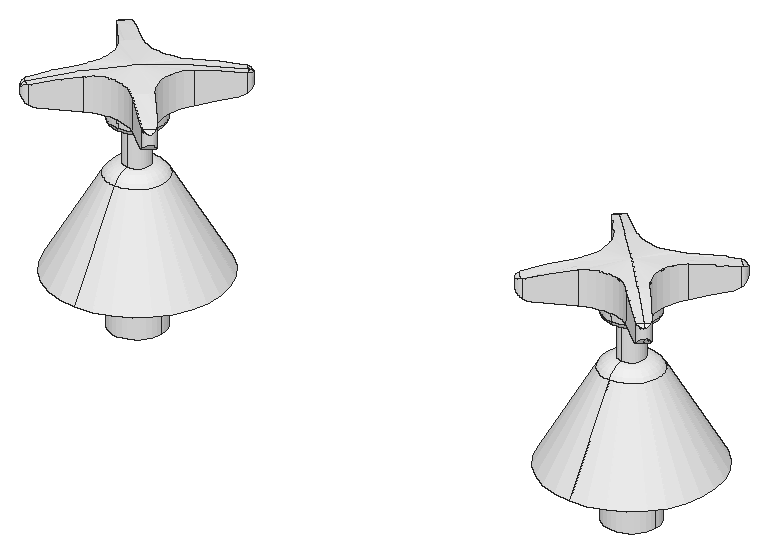
Revit family "Tap-Wall Top Assemblies-Caroma Elegance II2", category Plumbing Fixtures, host Face, Revit 2013
Parameters (values of type "Standard")
  Waste Connection = no
  Vent Connection = no
  URL = "http://www.caroma.com.au/"
  Type Comments = "Caroma Elegance II Wall Top Assemblies"  # constant formula
  Model = "631172C"  # constant formula
  Material_ANZRS = Metal-Chrome-Caroma
  Manufacturer = "GWA Bathrooms & Kitchens"  # constant formula
  HWFU = 1  # constant formula
  HW Connection = yes
  Description = ""
  Default Elevation = 900 mm
  CreatedBy_ANZRS = "Design Content"  # constant formula
  CreatedByURL_ANZRS = "www.designcontent.com.au"
  Cost = 0
  Connector Radius = 10 mm
  CWFU = 1  # constant formula
  CW Connection = yes
  Assembly Code = "C1030210"
Reference planes
  plane 1 "Center (Front/Back)": y = 0
  plane 2: z = 0
  plane 3 "Center (Left/Right)": x = 0
  plane 4 "Hot": x = -100
  plane 5 "Cold": x = 100
Forms (mm)
  Extrusion 1, solid, material "Metal-Chrome-Caroma" <- "Material_ANZRS"
    sketch origin (-50, 0, 0) x (1, 0, 0) y (0, 1, 0)
      loop
        circle (-50, 0) r 10
    from -20 to 0
  Extrusion 2, solid, material "Metal-Chrome-Caroma" <- "Material_ANZRS"
    sketch origin (50, 0, 0) x (-1, 0, 0) y (0, -1, 0)
      loop
        circle (-50, 0) r 10
    from -20 to 0
  Revolve 3, solid, material "Metal-Chrome-Caroma" <- "Material_ANZRS"
    sketch origin (-100, -22.904, 1219.2) x (0, 1, 0) y (0, 0, 1)
      loop
        line (22.904, -1219.2) -> (54.307, -1219.2) -> (34.094, -1184.19)
        arc (34.094, -1184.19) -> (31.375, -1181.389) -> (27.654, -1180.211) r 7.986
        line (27.654, -1180.211) -> (27.654, -1165.231) -> (31.393, -1165.231)
        arc (31.393, -1165.231) -> (32.415, -1164.828) -> (32.889, -1163.837) r 1.499
        line (32.889, -1163.837) -> (33.441, -1155.935) -> (22.904, -1155.935) -> (22.904, -1219.2)
      axis (22.904, -1219.2) -> (22.904, -1155.935)
    angle from 0 to 360
  Revolve 4, solid, material "Metal-Chrome-Caroma" <- "Material_ANZRS"
    sketch origin (100, 30, 1219.2) x (0, 1, 0) y (0, 0, 1)
      loop
        line (-30, -1219.2) -> (1.404, -1219.2) -> (-18.809, -1184.19)
        arc (-18.809, -1184.19) -> (-21.528, -1181.389) -> (-25.25, -1180.211) r 7.986
        line (-25.25, -1180.211) -> (-25.25, -1165.231) -> (-21.511, -1165.231)
        arc (-21.511, -1165.231) -> (-20.488, -1164.828) -> (-20.015, -1163.837) r 1.499
        line (-20.015, -1163.837) -> (-19.462, -1155.935) -> (-30, -1155.935) -> (-30, -1219.2)
      axis (-30, -1219.2) -> (-30, -1155.935)
    angle from 0 to 360
  Revolve 5, solid, material "Metal-Chrome-Caroma" <- "Material_ANZRS"
    sketch origin (-50, 50, 7.5) x (-0.707107, -0.707107, 0) y (0, 0, 1)
      loop
        line (70.711, 50.608) -> (70.711, 66.5)
        arc (70.711, 66.5) -> (52.897, 65.564) -> (35.28, 62.767) r 170
        arc (35.28, 62.767) -> (33.687, 61.728) -> (33.203, 59.889) r 2.645
        arc (33.203, 59.889) -> (34.913, 56.303) -> (38.48, 54.551) r 6.049
        line (38.48, 54.551) -> (70.711, 50.608)
      axis (70.711, 50.608) -> (70.711, 66.5)
    angle from 0 to 360
  Extrusion 6, void
    sketch origin (0, 0, 0) x (1, 0, 0) y (0, 1, 0)
      loop
        line (-122.824, -26.357) -> (-109.787, -15.133)
        arc (-109.787, -15.133) -> (-100, -11.5) -> (-90.213, -15.133) r 15
        line (-90.213, -15.133) -> (-77.176, -26.357)
        arc (-77.176, -26.357) -> (-73.77, -26.23) -> (-73.643, -22.824) r 2.505
        line (-73.643, -22.824) -> (-84.867, -9.787)
        arc (-84.867, -9.787) -> (-88.5, 0) -> (-84.867, 9.787) r 15
        line (-84.867, 9.787) -> (-73.643, 22.824)
        arc (-73.643, 22.824) -> (-73.77, 26.23) -> (-77.176, 26.357) r 2.505
        line (-77.176, 26.357) -> (-90.213, 15.133)
        arc (-90.213, 15.133) -> (-100, 11.5) -> (-109.787, 15.133) r 15
        line (-109.787, 15.133) -> (-122.824, 26.357)
        arc (-122.824, 26.357) -> (-126.23, 26.23) -> (-126.357, 22.824) r 2.505
        line (-126.357, 22.824) -> (-115.133, 9.787)
        arc (-115.133, 9.787) -> (-111.5, 0) -> (-115.133, -9.787) r 15
        line (-115.133, -9.787) -> (-126.357, -22.824)
        arc (-126.357, -22.824) -> (-126.23, -26.23) -> (-122.824, -26.357) r 2.505
      loop
        circle (-100, 0) r 44.623
      loop
        arc (122.824, -26.357) -> (126.23, -26.23) -> (126.357, -22.824) r 2.505
        line (126.357, -22.824) -> (115.133, -9.787)
        arc (115.133, -9.787) -> (111.5, 0) -> (115.133, 9.787) r 15
        line (115.133, 9.787) -> (126.357, 22.824)
        arc (126.357, 22.824) -> (126.23, 26.23) -> (122.824, 26.357) r 2.505
        line (122.824, 26.357) -> (109.787, 15.133)
        arc (109.787, 15.133) -> (100, 11.5) -> (90.213, 15.133) r 15
        line (90.213, 15.133) -> (77.176, 26.357)
        arc (77.176, 26.357) -> (73.77, 26.23) -> (73.643, 22.824) r 2.505
        line (73.643, 22.824) -> (84.867, 9.787)
        arc (84.867, 9.787) -> (88.5, 0) -> (84.867, -9.787) r 15
        line (84.867, -9.787) -> (73.643, -22.824)
        arc (73.643, -22.824) -> (73.77, -26.23) -> (77.176, -26.357) r 2.505
        line (77.176, -26.357) -> (90.213, -15.133)
        arc (90.213, -15.133) -> (100, -11.5) -> (109.787, -15.133) r 15
        line (109.787, -15.133) -> (122.824, -26.357)
      loop
        circle (100, 0) r 44.623
    from 50 to 100
  Revolve 7, solid, material "Metal-Chrome-Caroma" <- "Material_ANZRS"
    sketch origin (50, 50, 7.5) x (0.707107, -0.707107, 0) y (0, 0, -1)
      loop
        line (70.711, -50.608) -> (38.48, -54.551)
        arc (38.48, -54.551) -> (34.913, -56.303) -> (33.203, -59.889) r 6.049
        arc (33.203, -59.889) -> (33.687, -61.728) -> (35.28, -62.767) r 2.645
        arc (35.28, -62.767) -> (52.897, -65.564) -> (70.711, -66.5) r 170
        line (70.711, -66.5) -> (70.711, -50.608)
      axis (70.711, -50.608) -> (70.711, -66.5)
    angle from 0 to 360
Cuts and joins
  Extrusion 6 cuts Revolve 5
  Extrusion 6 cuts Revolve 7
  joined: Revolve 3, Revolve 4, Revolve 5, Revolve 7
Lines and regions (mm)
  Masking region 1
    outline origin (0, 0, 0) x (1, 0, 0) y (0, 1, 0)
      loop
        arc (-122.824, 26.357) -> (-126.23, 26.23) -> (-126.357, 22.824) r 2.505
        line (-126.357, 22.824) -> (-123.84, 19.901)
        arc (-123.84, 19.901) -> (-131.055, 0) -> (-123.84, -19.901) r 31.055
        line (-123.84, -19.901) -> (-126.357, -22.824)
        arc (-126.357, -22.824) -> (-126.23, -26.23) -> (-122.824, -26.357) r 2.505
        line (-122.824, -26.357) -> (-119.901, -23.84)
        arc (-119.901, -23.84) -> (-100, -31.055) -> (-80.099, -23.84) r 31.055
        line (-80.099, -23.84) -> (-77.176, -26.357)
        arc (-77.176, -26.357) -> (-73.77, -26.23) -> (-73.643, -22.824) r 2.505
        line (-73.643, -22.824) -> (-76.16, -19.901)
        arc (-76.16, -19.901) -> (-68.945, 0) -> (-76.16, 19.901) r 31.055
        line (-76.16, 19.901) -> (-73.643, 22.824)
        arc (-73.643, 22.824) -> (-73.77, 26.23) -> (-77.176, 26.357) r 2.505
        line (-77.176, 26.357) -> (-80.099, 23.84)
        arc (-80.099, 23.84) -> (-100, 31.055) -> (-119.901, 23.84) r 31.055
        line (-119.901, 23.84) -> (-122.824, 26.357)
      loop
        line (122.824, 26.357) -> (119.901, 23.84)
        arc (119.901, 23.84) -> (100, 31.055) -> (80.099, 23.84) r 31.055
        line (80.099, 23.84) -> (77.176, 26.357)
        arc (77.176, 26.357) -> (73.77, 26.23) -> (73.643, 22.824) r 2.505
        line (73.643, 22.824) -> (76.16, 19.901)
        arc (76.16, 19.901) -> (68.945, 0) -> (76.16, -19.901) r 31.055
        line (76.16, -19.901) -> (73.643, -22.824)
        arc (73.643, -22.824) -> (73.77, -26.23) -> (77.176, -26.357) r 2.505
        line (77.176, -26.357) -> (80.099, -23.84)
        arc (80.099, -23.84) -> (100, -31.055) -> (119.901, -23.84) r 31.055
        line (119.901, -23.84) -> (122.824, -26.357)
        arc (122.824, -26.357) -> (126.23, -26.23) -> (126.357, -22.824) r 2.505
        line (126.357, -22.824) -> (123.84, -19.901)
        arc (123.84, -19.901) -> (131.055, 0) -> (123.84, 19.901) r 31.055
        line (123.84, 19.901) -> (126.357, 22.824)
        arc (126.357, 22.824) -> (126.23, 26.23) -> (122.824, 26.357) r 2.505
  Masking region 2
    outline origin (0, 0, 0) x (0, 1, 0) y (0, 0, 1)
      loop
        line (9.985, 55.363) -> (10.169, 57.994)
        arc (10.169, 57.994) -> (10.691, 59.243) -> (11.864, 59.917) r 2.11
        arc (11.864, 59.917) -> (17.325, 60.983) -> (22.791, 62.02) r 1050.062
        arc (22.791, 62.02) -> (25.592, 63.497) -> (27.066, 66.299) r 5.348
        arc (27.066, 66.299) -> (27.171, 66.963) -> (27.237, 67.632) r 11.849
        arc (27.237, 67.632) -> (26.841, 69.12) -> (25.615, 70.05) r 2.37
        arc (25.615, 70.05) -> (17.624, 72.258) -> (9.456, 73.678) r 85.106
        arc (9.456, 73.678) -> (-0.022, 74.4) -> (-9.5, 73.672) r 62.29
        arc (-9.5, 73.672) -> (-17.645, 72.253) -> (-25.615, 70.05) r 85.106
        arc (-25.615, 70.05) -> (-26.841, 69.12) -> (-27.237, 67.632) r 2.37
        arc (-27.237, 67.632) -> (-27.171, 66.963) -> (-27.066, 66.299) r 11.849
        arc (-27.066, 66.299) -> (-25.592, 63.497) -> (-22.791, 62.02) r 5.348
        arc (-22.791, 62.02) -> (-17.325, 60.983) -> (-11.864, 59.917) r 1050.062
        arc (-11.864, 59.917) -> (-10.691, 59.243) -> (-10.169, 57.994) r 2.11
        line (-10.169, 57.994) -> (-9.985, 55.363)
        arc (-9.985, 55.363) -> (-9.512, 54.372) -> (-8.489, 53.969) r 1.499
        line (-8.489, 53.969) -> (-4.75, 53.969) -> (-4.75, 38.989)
        arc (-4.75, 38.989) -> (-8.472, 37.811) -> (-11.191, 35.01) r 7.986
        line (-11.191, 35.01) -> (-31.404, 0) -> (31.404, 0) -> (11.191, 35.01)
        arc (11.191, 35.01) -> (8.472, 37.811) -> (4.75, 38.989) r 7.986
        line (4.75, 38.989) -> (4.75, 53.969) -> (8.489, 53.969)
        arc (8.489, 53.969) -> (9.512, 54.372) -> (9.985, 55.363) r 1.499
  Masking region 3
    outline origin (0, 0, 0) x (1, 0, 0) y (0, 0, 1)
      loop
        arc (-109.985, 55.363) -> (-109.512, 54.372) -> (-108.489, 53.969) r 1.499
        line (-108.489, 53.969) -> (-104.75, 53.969) -> (-104.75, 38.989)
        arc (-104.75, 38.989) -> (-108.472, 37.811) -> (-111.191, 35.01) r 7.986
        line (-111.191, 35.01) -> (-131.404, 0) -> (-68.596, 0) -> (-88.809, 35.01)
        arc (-88.809, 35.01) -> (-91.528, 37.811) -> (-95.25, 38.989) r 7.986
        line (-95.25, 38.989) -> (-95.25, 53.969) -> (-91.511, 53.969)
        arc (-91.511, 53.969) -> (-90.488, 54.372) -> (-90.015, 55.363) r 1.499
        line (-90.015, 55.363) -> (-89.831, 57.994)
        arc (-89.831, 57.994) -> (-89.309, 59.243) -> (-88.136, 59.917) r 2.11
        arc (-88.136, 59.917) -> (-82.675, 60.983) -> (-77.209, 62.02) r 1050.062
        arc (-77.209, 62.02) -> (-74.408, 63.497) -> (-72.934, 66.299) r 5.348
        arc (-72.934, 66.299) -> (-72.829, 66.963) -> (-72.763, 67.632) r 11.849
        arc (-72.763, 67.632) -> (-73.159, 69.12) -> (-74.385, 70.05) r 2.37
        arc (-74.385, 70.05) -> (-82.355, 72.253) -> (-90.5, 73.672) r 85.106
        arc (-90.5, 73.672) -> (-99.978, 74.4) -> (-109.456, 73.678) r 62.29
        arc (-109.456, 73.678) -> (-117.624, 72.258) -> (-125.615, 70.05) r 85.106
        arc (-125.615, 70.05) -> (-126.841, 69.12) -> (-127.237, 67.632) r 2.37
        arc (-127.237, 67.632) -> (-127.171, 66.963) -> (-127.066, 66.299) r 11.849
        arc (-127.066, 66.299) -> (-125.592, 63.497) -> (-122.791, 62.02) r 5.348
        arc (-122.791, 62.02) -> (-117.325, 60.983) -> (-111.864, 59.917) r 1050.062
        arc (-111.864, 59.917) -> (-110.691, 59.243) -> (-110.169, 57.994) r 2.11
        line (-110.169, 57.994) -> (-109.985, 55.363)
      loop
        line (109.985, 55.363) -> (110.169, 57.994)
        arc (110.169, 57.994) -> (110.691, 59.243) -> (111.864, 59.917) r 2.11
        arc (111.864, 59.917) -> (117.325, 60.983) -> (122.791, 62.02) r 1050.062
        arc (122.791, 62.02) -> (125.592, 63.497) -> (127.066, 66.299) r 5.348
        arc (127.066, 66.299) -> (127.171, 66.963) -> (127.237, 67.632) r 11.849
        arc (127.237, 67.632) -> (126.841, 69.12) -> (125.615, 70.05) r 2.37
        arc (125.615, 70.05) -> (117.624, 72.258) -> (109.456, 73.678) r 85.106
        arc (109.456, 73.678) -> (99.978, 74.4) -> (90.5, 73.672) r 62.29
        arc (90.5, 73.672) -> (82.355, 72.253) -> (74.385, 70.05) r 85.106
        arc (74.385, 70.05) -> (73.159, 69.12) -> (72.763, 67.632) r 2.37
        arc (72.763, 67.632) -> (72.829, 66.963) -> (72.934, 66.299) r 11.849
        arc (72.934, 66.299) -> (74.408, 63.497) -> (77.209, 62.02) r 5.348
        arc (77.209, 62.02) -> (82.675, 60.983) -> (88.136, 59.917) r 1050.062
        arc (88.136, 59.917) -> (89.309, 59.243) -> (89.831, 57.994) r 2.11
        line (89.831, 57.994) -> (90.015, 55.363)
        arc (90.015, 55.363) -> (90.488, 54.372) -> (91.511, 53.969) r 1.499
        line (91.511, 53.969) -> (95.25, 53.969) -> (95.25, 38.989)
        arc (95.25, 38.989) -> (91.528, 37.811) -> (88.809, 35.01) r 7.986
        line (88.809, 35.01) -> (68.596, 0) -> (131.404, 0) -> (111.191, 35.01)
        arc (111.191, 35.01) -> (108.472, 37.811) -> (104.75, 38.989) r 7.986
        line (104.75, 38.989) -> (104.75, 53.969) -> (108.489, 53.969)
        arc (108.489, 53.969) -> (109.512, 54.372) -> (109.985, 55.363) r 1.499
  symbolic lines
    curve 1: arc (-109.787, 15.133, 0) -> (-100, 11.5, 0) -> (-90.213, 15.133, 0) r 15
    curve 2: line (-122.824, 26.357, 0) -> (-109.787, 15.133, 0)
    curve 3: line (-90.213, 15.133, 0) -> (-77.176, 26.357, 0)
    curve 4: line (-73.643, 22.824, 0) -> (-84.867, 9.787, 0)
    curve 5: arc (-84.867, 9.787, 0) -> (-88.5, 0, 0) -> (-84.867, -9.787, 0) r 15
    curve 6: line (-84.867, -9.787, 0) -> (-73.643, -22.824, 0)
    curve 7: line (-77.176, -26.357, 0) -> (-90.213, -15.133, 0)
    curve 8: arc (-90.213, -15.133, 0) -> (-100, -11.5, 0) -> (-109.787, -15.133, 0) r 15
    curve 9: line (-109.787, -15.133, 0) -> (-122.824, -26.357, 0)
    curve 10: line (-126.357, -22.824, 0) -> (-115.133, -9.787, 0)
    curve 11: arc (-115.133, -9.787, 0) -> (-111.5, 0, 0) -> (-115.133, 9.787, 0) r 15
    curve 12: line (-115.133, 9.787, 0) -> (-126.357, 22.824, 0)
    curve 13: line (90.213, 15.133, 0) -> (77.176, 26.357, 0)
    curve 14: line (73.643, 22.824, 0) -> (84.867, 9.787, 0)
    curve 15: arc (84.867, 9.787, 0) -> (88.5, 0, 0) -> (84.867, -9.787, 0) r 15
    curve 16: line (84.867, -9.787, 0) -> (73.643, -22.824, 0)
    curve 17: line (77.176, -26.357, 0) -> (90.213, -15.133, 0)
    curve 18: arc (90.213, -15.133, 0) -> (100, -11.5, 0) -> (109.787, -15.133, 0) r 15
    curve 19: line (109.787, -15.133, 0) -> (122.824, -26.357, 0)
    curve 20: line (126.357, -22.824, 0) -> (115.133, -9.787, 0)
    curve 21: arc (115.133, -9.787, 0) -> (111.5, 0, 0) -> (115.133, 9.787, 0) r 15
    curve 22: line (115.133, 9.787, 0) -> (126.357, 22.824, 0)
    curve 23: arc (109.787, 15.133, 0) -> (100, 11.5, 0) -> (90.213, 15.133, 0) r 15
    curve 24: line (122.824, 26.357, 0) -> (109.787, 15.133, 0)
    curve 25: line (0, 8.489, 53.969) -> (0, -8.489, 53.969)
    curve 26: line (0, -4.75, 53.969) -> (0, -4.75, 38.989)
    curve 27: line (0, 4.75, 53.969) -> (0, 4.75, 38.989)
    curve 28: arc (0, 8.489, 53.969) -> (0, 9.512, 54.372) -> (0, 9.985, 55.363) r 1.499
    curve 29: arc (0, -9.985, 55.363) -> (0, -9.512, 54.372) -> (0, -8.489, 53.969) r 1.499
    curve 30: arc (0, 9.456, 73.678) -> (0, -0.022, 74.4) -> (0, -9.5, 73.672) r 62.29
    curve 31: line (-104.75, 0, 38.989) -> (-95.263, 0, 38.989)
    curve 32: line (-104.75, 0, 53.969) -> (-95.25, 0, 53.969)
    curve 33: line (95.25, 0, 53.969) -> (104.75, 0, 53.969)
    curve 34: line (95.25, 0, 38.989) -> (104.75, 0, 38.989)
    curve 35: line (0, 4.75, 38.989) -> (0, -4.75, 38.989)
Dimensions and locks
  aligned and locked: plane 2 to host face
  aligned and locked: level to host face
Connectors
  piping at (-100, 0, -20), driven by "Connector Radius", driven by "HWFU"
    settings: on Extrusion 1, index 1, connector radius 0.3937", flow factor 0, pipe flow 0 GPM, pressure drop 0.00 psi, fitting loss kfactor 0, connector angle 0.00°, fixture units 1, engagement length 0 mm, flow configuration 3, flow direction 1, fitting loss method 1, system type 19, joint type 0, gender type 0, connector reference index -1, connector utility 0, adjustable connector no, is connector primary yes, fitting loss table "Inward Projecting Pipe", connector description "Hot"
  piping at (100, 0, -20), driven by "Connector Radius", driven by "CWFU"
    settings: on Extrusion 2, index 2, connector radius 0.3937", flow factor 0, pipe flow 0 GPM, pressure drop 0.00 psi, fitting loss kfactor 0, connector angle 0.00°, fixture units 1, engagement length 0 mm, flow configuration 3, flow direction 1, fitting loss method 1, system type 20, joint type 0, gender type 0, connector reference index -1, connector utility 0, adjustable connector no, is connector primary no, fitting loss table "Inward Projecting Pipe", connector description "Cold Water Inlet"
